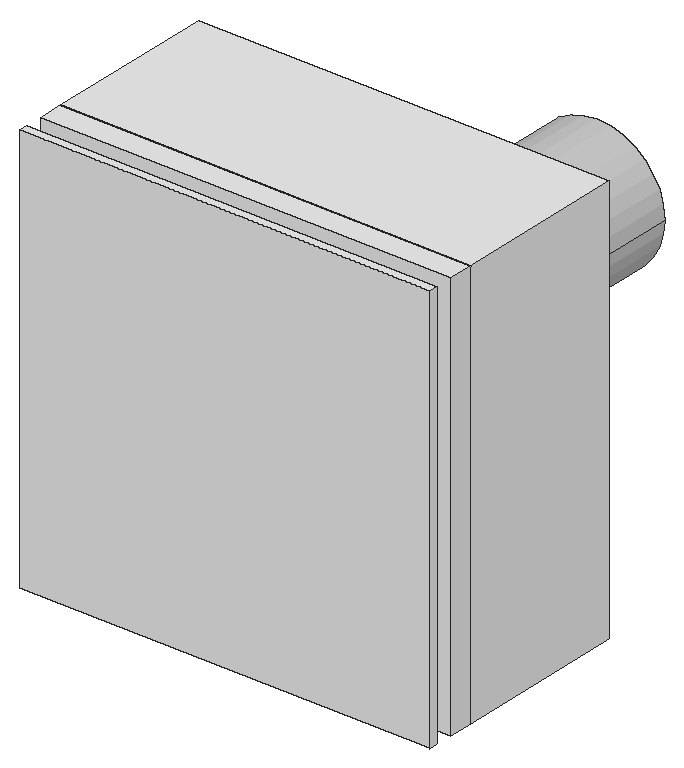
Revit family "VENTS-VN_1_80_K", category Mechanical Equipment, Revit 2019
Family settings
  Round Connector Dimension = Use Diameter
  Classification = None
  Part Type = Breaks Into
  OmniClass Number = 23.75.35.17
  OmniClass Title = Fans
  Work Plane-Based = No
  Always vertical = No
  Cut with Voids When Loaded = No
  Shared = No
  Room Calculation Point = No
Parameters (values of type "VN-1 80 K (speed 1)")
  Weight = 0.00 kg
  Voltage = 230 V
  URL = "https://ventilation-system.com/product/vents-vn1-80-k"
  Type Comments = "Centrifugal fan VN-1 80 K"
  Metal Material = Metal Zinc
  Max. Transported Air Temperature (°C) = "+50"
  RPM (min-1) = 1350
  Power Factor = 1
  Number of Poles = 1
  Noise Level at 3 m (dBa) = 30
  Model = "VN-1 80 K"
  Manufacturer = "Vents"
  Maintenance Zone Material = Maintenance Zone
  Maintenance Zone Front = 600 mm
  Maintenance Zone [instance] = no
  Load Classification = HVAC
  Flow direction symbol [instance] = yes
  Flow Factor [instance] = 1  # constant formula
  Family Version = "1.0"  # constant formula
  Description = "Centrifugal fan"
  Depth = 138 mm  # constant formula
  Copyright = "©Vents"
  Duct Connection Size = 80 mm
  Fan Material = Plastic White Glazed
  Maximum Air Flow = 63 m³/h
  CaseWidth = 244 mm  # constant formula
  Air Flow [instance] = 0 m³/h
  Power = 17 W
  Current = 0.14 A
  Apparent Power = Power / Power Factor  # 17 VA
  CaseHeight = CaseWidth  # 244 mm
Types (3, lengths in mm): name | RPM (min-1) | Noise Level at 3 m (dBa) | Maximum Air Flow | Power | Current | Apparent Power
  VN-1 80 K (speed 1) | 1350 | 30 | 63 m³/h | 17 W | 0.14 A | 17 VA
  VN-1 80 K (speed 2) | 1830 | 35.2 | 102 m³/h | 27 W | 0.18 A | 27 VA
  VN-1 80 K (speed 3) | 2640 | 43.7 | 150 m³/h | 48 W | 0.21 A | 48 VA
Reference planes
  plane 1 "Center (Front/Back)": y = 0
  plane 2: z = 0
  plane 3 "Center (Left/Right)": x = 0
  plane 4: x = 122
  plane 5 "Back": y = 0
  plane 6 "Front": y = -138
  plane 7: x = -122
  plane 8: z = -122
  plane 9 "Top": z = 122
  plane 10: y = -118
  plane 11: y = -128
  plane 12 "DuctConW": x = 71
  plane 13 "ElConW": x = -102
  plane 14 "ElConH": z = -102
  plane 15 "DuctConH": z = 73
  plane 16: y = -103
  plane 17 "DuctConL": y = 55
Forms (mm)
  Extrusion 1, solid, material "Plastic White Glazed" <- "Fan Material", detail levels medium+fine
    sketch origin (93, 0, 0) x (0, 0, -1) y (0, 1, 0)
      loop
        line (-122, -127.973) -> (-122, -132.985)
        arc (-122, -132.985) -> (0, -137.592) -> (122, -132.985) r 1617.861
        line (122, -132.985) -> (122, -127.973)
        arc (122, -127.973) -> (0, -132.594) -> (-122, -127.973) r 1612.863
    from -215 to 29
  Extrusion 2, solid, material "Plastic White Glazed" <- "Fan Material", detail levels medium+fine
    sketch origin (0, 0, 0) x (-1, 0, 0) y (0, 0, 1)
      loop
        circle (102, -102) r 5
    from 0 to -2
  Extrusion 3, solid, material "Plastic White Glazed" <- "Fan Material", detail levels medium+fine
    sketch origin (0, -20.015, 0) x (0, 1, 0) y (0, 0, 1)
      loop
        line (-82.985, 122) -> (-97.985, 122)
        arc (-97.985, 122) -> (-102.592, 0) -> (-97.985, -122) r 1617.861
        line (-97.985, -122) -> (-82.985, -122) -> (-82.985, 122)
    from -122 to 122
  Extrusion 4, solid, material "Plastic White Glazed" <- "Fan Material", detail levels medium+fine
    sketch origin (0, 35, 0) x (0, 1, 0) y (0, 0, 1)
      loop
        line (-35, 122) -> (-138, 122) -> (-138, -122) -> (-35, -122) -> (-35, 122)
    from -122 to 122
  Extrusion 5, solid, material "Metal Zinc" <- "Metal Material", detail levels medium+fine
    sketch origin (0, 0, 0) x (-1, 0, 0) y (0, 0, 1)
      loop
        circle (-71, 73) r 40
    from 0 to 55
Lines and regions (mm)
  model lines, detail levels coarse
    curve 1: line (-122, 0, 122) -> (122, 0, 122)
    curve 2: line (-122, 0, -122) -> (-122, 0, 122)
    curve 3: line (122, 0, -122) -> (-122, 0, -122)
    curve 4: line (122, 0, 122) -> (122, 0, -122)
    curve 9: line (71, 55, 73) -> (71, 0, 73)
  symbolic lines, detail levels coarse
    curve 5: line (-122, 0, 0) -> (122, 0, 0)
    curve 6: line (-122, -138, 0) -> (-122, 0, 0)
    curve 7: line (122, -138, 0) -> (-122, -138, 0)
    curve 8: line (122, 0, 0) -> (122, -138, 0)
Dimensions and locks
  equal spacing: plane 7, plane 3 "Center (Left/Right)", plane 4
  "CaseWidth": plane 7 to plane 4
  equal spacing: plane 9 "Top", level, plane 8
  "CaseHeight": plane 9 "Top" to plane 8
  locked: plane 11 to plane 6 "Front" at 10
  locked: plane 10 to plane 11 at 10
  locked: plane 1 "Center (Front/Back)" to plane 5 "Back" at 0
  "Depth": plane 5 "Back" to plane 6 "Front"
  locked: plane 16 to plane 10 at 15
  locked: plane 14 "ElConH" to plane 8 at 20
  locked: plane 9 "Top" to plane 15 "DuctConH" at 49
  locked: plane 17 "DuctConL" to plane 5 "Back" at 55
  locked: plane 12 "DuctConW" to plane 4 at 51
  locked: plane 7 to plane 13 "ElConW" at 20
  "Duct Connection Size": diameter of Extrusion 5 sketch curve
  aligned and locked: level to plane 2
  aligned and locked: Extrusion 1 to plane 7
  aligned and locked: plane 4 to Extrusion 1
  aligned and locked: Extrusion 1 to plane 8
  aligned and locked: plane 9 "Top" to Extrusion 1
  aligned and locked: plane 3 "Center (Left/Right)" to nested 1
  aligned and locked: nested 1 to plane 6 "Front"
  aligned and locked: plane 9 "Top" to curve 1
  aligned and locked: curve 2 to plane 7
  aligned and locked: curve 3 to plane 8
  aligned and locked: plane 4 to curve 4
  aligned and locked: nested 2 to plane 3 "Center (Left/Right)"
  aligned and locked: level to nested 2
  aligned and locked: plane 3 "Center (Left/Right)" to nested 3
  aligned and locked: plane 6 "Front" to curve 7
  aligned and locked: curve 5 to plane 5 "Back"
  aligned and locked: nested 3 to plane 6 "Front"
  aligned and locked: plane 4 to Extrusion 3
  aligned and locked: Extrusion 3 to plane 7
  aligned and locked: curve 8 to plane 4
  aligned and locked: plane 5 "Back" to Extrusion 4 sketch curve
  aligned and locked: plane 16 to Extrusion 4 sketch curve
  aligned and locked: Extrusion 4 sketch curve to plane 9 "Top"
  aligned and locked: Extrusion 4 sketch curve to plane 8
  aligned and locked: Extrusion 3 to plane 10
  aligned and locked: plane 16 to Extrusion 3
  aligned and locked: nested 3 to plane 9 "Top"
  aligned and locked: Extrusion 4 to plane 7
  aligned and locked: plane 4 to Extrusion 4
  aligned and locked: plane 17 "DuctConL" to Extrusion 5
  aligned and locked: plane 17 "DuctConL" to curve 9
  aligned and locked: plane 5 "Back" to curve 9
  aligned and locked: curve 9 to plane 12 "DuctConW"
Automatic sketch dimensions
  Extrusion 1 sketch curve to Extrusion 1 sketch curve = 0 mm  (x2)
  Extrusion 1 sketch curve to plane 9 "Top" = 0 mm
  level to Extrusion 1 sketch curve = 0 mm
  Extrusion 1 sketch curve to plane 8 = 0 mm
  Extrusion 1 sketch curve to plane 11 = 4.985 mm
  plane 11 to Extrusion 1 sketch curve = 0.027 mm
  Extrusion 1 sketch curve to plane 1 "Center (Front/Back)" = 1480.269 mm
  Extrusion 2 sketch curve to plane 13 "ElConW" = 0 mm
  Extrusion 2 sketch curve to plane 14 "ElConH" = 0 mm
  Extrusion 3 sketch curve to plane 9 "Top" = 0 mm
  Extrusion 3 sketch curve to plane 8 = 0 mm
  Extrusion 3 sketch curve to plane 16 = 0 mm
  level to Extrusion 3 sketch curve = 0 mm
  plane 10 to Extrusion 3 sketch curve = 0 mm
  Extrusion 3 sketch curve to plane 1 "Center (Front/Back)" = 1495.254 mm
  curve 6 to plane 7 = 0 mm
  Extrusion 5 sketch curve to plane 12 "DuctConW" = 0 mm
  Extrusion 5 sketch curve to plane 15 "DuctConH" = 0 mm
  radius of Extrusion 2 sketch curve = 5 mm
Nested families
  nested 1: "GraphicalSymbol_AirDirection_Return" at (0, -138, 0), visible <- "Flow direction symbol", type "GraphicalSymbol_AirDirection_Return"
    with W 84 mm, L 70 mm
  nested 2: "GraphicalSymbol_Fan_2" at (0, 0, 0) x (0, 0, 1) z (0, 1, 0), type "GraphicalSymbol_Fan_2", detail levels coarse
    with Diameter 150 mm, B 72 mm, A 52.5 mm
  nested 3: "MaintenanceZone_Rect" at (0, -438, 122), visible <- "Maintenance Zone", type "MaintenanceZone_Rect"
    with Maintenance Zone Width 600 mm, Maintenance Zone Length 244 mm, Maintenance Zone Height 244 mm
Connectors
  electrical at (-102, 0, -102), driven by "Number of Poles", driven by "Load Classification", driven by "Voltage", driven by "Apparent Power", driven by "Power Factor"
    settings: on Extrusion 2, index 2, voltage 230 V, apparent load 17 VA, apparent load phase1 0 VA, apparent load phase2 0 VA, apparent load phase3 0 VA, power factor 1, load classification "HVAC", number of poles 1, system type 30, power factor state 1, is connector primary yes, connector utility no, sub classification motor no, connector description ""
  hvac at (71, 55, 73), driven by "Duct Connection Size", driven by "Air Flow"
    settings: on Extrusion 5, index 3, duct flow 0 m³/h, flow factor 0, pres drop 0.0 Pa, loss coef 0, conn angle 0.00°, conn width 304.8 mm, conn height 304.8 mm, conn diameter 80 mm, duct sys type 3, conn prof type 0, flow config 1, flow direction 2, loss method 0, conn ref index -1, conn util no, is conn primary yes, conn desc ""
Definition of nested family "MaintenanceZone_Rect"
  Parameters (values of type "MaintenanceZone_Rect")
    Maintenance Zone Width = 500 mm
    Material = none
    Maintenance Zone Length = 1000 mm
    Maintenance Zone Height = 300 mm
    Family Version = ""
    Default Elevation = 1219.2 mm
    Copyright = ""
  Reference planes
    plane 1 "Center (Front/Back)": y = 0
    plane 2: z = 0
    plane 3 "Center (Left/Right)": x = 0
    plane 4: x = -500
    plane 5: x = 500
    plane 6: y = 250
    plane 7: y = -250
    plane 8: z = -300
  Forms (mm)
    Extrusion 1, solid, material <- "Material", detail levels medium+fine
      sketch origin (0, 0, 0) x (1, 0, 0) y (0, 1, 0)
        loop
          line (-500, 250) -> (-500, -250) -> (500, -250) -> (500, 250) -> (-500, 250)
      from 0 to -300
  Lines and regions (mm)
    symbolic lines, detail levels medium+fine
      curve 1: line (-500, 0, 0) -> (500, 0, 0)
      curve 2: line (-500, 0, -300) -> (-500, 0, 0)
      curve 3: line (500, 0, -300) -> (-500, 0, -300)
      curve 4: line (500, 0, 0) -> (500, 0, -300)
      curve 5: line (0, 250, 0) -> (0, -250, 0)
      curve 6: line (0, 250, -300) -> (0, 250, 0)
      curve 7: line (0, -250, -300) -> (0, 250, -300)
      curve 8: line (0, -250, 0) -> (0, -250, -300)
      curve 9: line (-500, 250, 0) -> (500, 250, 0)
      curve 10: line (-500, -250, 0) -> (-500, 250, 0)
      curve 11: line (500, -250, 0) -> (-500, -250, 0)
      curve 12: line (500, 250, 0) -> (500, -250, 0)
  Dimensions and locks
    equal spacing: plane 6, plane 1 "Center (Front/Back)", plane 7
    equal spacing: plane 4, plane 3 "Center (Left/Right)", plane 5
    "Maintenance Zone Width": plane 6 to plane 7
    "Maintenance Zone Length": plane 4 to plane 5
    "Maintenance Zone Height": plane 2 to plane 8
    aligned and locked: level to plane 2
    aligned and locked: Extrusion 1 sketch curve to plane 6
    aligned and locked: plane 4 to Extrusion 1 sketch curve
    aligned and locked: plane 7 to Extrusion 1 sketch curve
    aligned and locked: Extrusion 1 sketch curve to plane 5
    aligned and locked: Extrusion 1 to plane 8
    aligned and locked: curve 1 to Extrusion 1
    aligned and locked: curve 2 to Extrusion 1
    aligned and locked: curve 3 to Extrusion 1
    aligned and locked: curve 4 to Extrusion 1
    aligned and locked: curve 5 to Extrusion 1
    aligned and locked: curve 6 to Extrusion 1
    aligned and locked: curve 7 to Extrusion 1
    aligned and locked: curve 8 to Extrusion 1
    aligned and locked: curve 9 to Extrusion 1
    aligned and locked: curve 10 to Extrusion 1
    aligned and locked: curve 11 to Extrusion 1
    aligned and locked: curve 12 to Extrusion 1
Definition of nested family "GraphicalSymbol_AirDirection_Return"
  Parameters (values of type "GraphicalSymbol_AirDirection_Return")
    DistanceFromOrigin = 30 mm
    Default Elevation = 1219.2 mm
    W = 1.2 * L  # 60 mm
    L = 50 mm
  Reference planes
    plane 1 "Center (Front/Back)": y = 0
    plane 2: z = 0
    plane 3 "Center (Left/Right)": x = 0
    plane 4: y = -30
    plane 5: y = -80
    plane 6: x = -30
    plane 7: x = 30
  Lines and regions (mm)
    model lines
      curve 1: line (-30, -80, 0) -> (30, -80, 0)
      curve 2: line (30, -80, 0) -> (0, -30, 0)
      curve 3: line (0, -30, 0) -> (-30, -80, 0)
  Dimensions and locks
    equal spacing: plane 6, plane 3 "Center (Left/Right)", plane 7
    "DistanceFromOrigin": plane 4 to plane 1 "Center (Front/Back)"
    "L": plane 4 to plane 5
    "W": plane 6 to plane 7
    aligned and locked: level to plane 2
  Automatic sketch dimensions
    curve 1 to plane 5 = 0 mm
    curve 1 to plane 6 = 0 mm
    curve 3 to plane 3 "Center (Left/Right)" = 0 mm
    curve 2 to plane 7 = 0 mm
    curve 2 to plane 4 = 0 mm
Definition of nested family "GraphicalSymbol_Fan_2"
  Parameters (values of type "GraphicalSymbol_Fan_2")
    Diameter = 100 mm
    Default Elevation = 1219.2 mm
    B = Diameter * 0.48  # 48 mm
    A = Diameter * 0.35  # 35 mm
  Reference planes
    plane 1 "Center (Front/Back)": y = 0
    plane 2: z = 0
    plane 3 "Center (Left/Right)": x = 0
    plane 4: x = -35
    plane 5: x = 48
  Lines and regions (mm)
    model lines
      curve 1: circle (0, 0, 0) r 50 normal (0, 0, 1)
      curve 4: line (-35, 35.707, 0) -> (48, 14, 0)
      curve 5: line (-35, -35.707, 0) -> (48, -14, 0)
    reference lines
      curve 2: line (50, 141.389, 0) -> (50, -158.611, 0)
      curve 3: line (-50, 141.389, 0) -> (-50, -158.611, 0)
  Dimensions and locks
    equal spacing: curve 3, plane 3 "Center (Left/Right)", curve 2
    "Diameter": curve 3 to curve 2
    "A": plane 4 to plane 3 "Center (Left/Right)"
    "B": plane 3 "Center (Left/Right)" to plane 5
    "Diameter": diameter of curve 1
    aligned and locked: level to plane 2
  Automatic sketch dimensions
    curve 4 to plane 4 = 0 mm
    curve 5 to plane 4 = 0 mm
    plane 1 "Center (Front/Back)" to curve 1 = 0 mm
    curve 1 to plane 3 "Center (Left/Right)" = 0 mm
    curve 5 to plane 5 = 0 mm
    curve 4 to plane 5 = 0 mm
    plane 1 "Center (Front/Back)" to curve 2 = 158.611 mm
    curve 3 to curve 2 = 0 mm  (x2)
    curve 3 to plane 1 "Center (Front/Back)" = 141.389 mm
